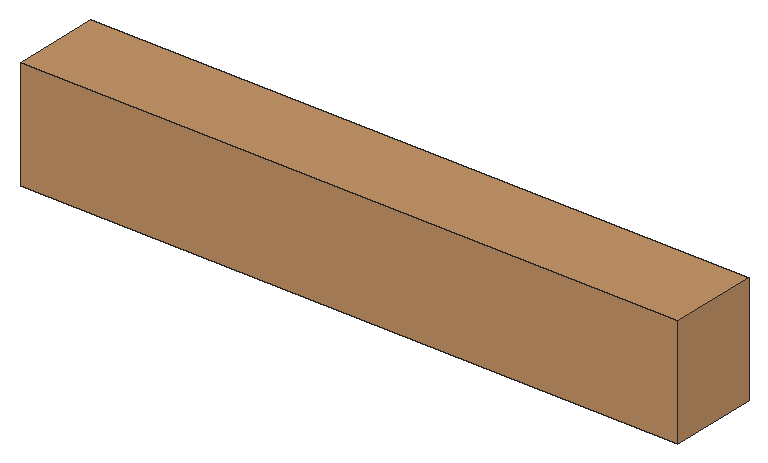
Revit family "EQ_Main Earth Bar", category Electrical Equipment, Revit 2025
Family settings
  Panel Configuration = Two Columns, Circuits Across
  Round Connector Dimension = Use Diameter
  Part Type = Panelboard
  OmniClass Number = 23.80.30.11.17
  OmniClass Title = Distribution Boards and Control Panels
  Work Plane-Based = No
  Always vertical = Yes
  Cut with Voids When Loaded = No
  Maintain Annotation Orientation = No
  Shared = No
  Room Calculation Point = No
Parameters (values of type "MEB Cu 50x10 - 600")
  Width = 600 mm
  built-in parameter 1140142 [instance] = -1
  Material Spec = "Copper bar 50x10 mm on insulators"
  built-in parameter 1140140 [instance] = 1 (stored number, unit not read)
  Height = 100 mm
  built-in parameter 1155100 [instance] = -1
  Depth = 80 mm
  Default Elevation = 0 mm
Reference planes
  plane 1 "Center (Front/Back)": y = 0
  plane 2: z = 0
  plane 3 "Center (Left/Right)": x = 0
  plane 4 "Left": x = -300
  plane 5 "Right": x = 300
  plane 6 "Front": y = -80
  plane 7 "Top": z = 100
Forms (mm)
  Extrusion 1, solid, material "Copper"
    sketch origin (0, 0, 0) x (1, 0, 0) y (0, 1, 0)
      loop
        line (-300, -80) -> (300, -80) -> (300, 0) -> (-300, 0) -> (-300, -80)
    from 0 to 100
Dimensions and locks
  equal spacing: plane 4 "Left", plane 3 "Center (Left/Right)", plane 5 "Right"
  "Width": plane 4 "Left" to plane 5 "Right"
  "Depth": plane 6 "Front" to plane 1 "Center (Front/Back)"
  "Height": level to plane 7 "Top"
  aligned and locked: level to plane 2
  aligned and locked: Extrusion 1 to plane 7 "Top"
  aligned and locked: Extrusion 1 to level
  aligned and locked: Extrusion 1 to plane 5 "Right"
  aligned and locked: Extrusion 1 to plane 1 "Center (Front/Back)"
  aligned and locked: plane 4 "Left" to Extrusion 1
  aligned and locked: Extrusion 1 to plane 6 "Front"
Automatic sketch dimensions
  Extrusion 1 sketch curve to plane 4 "Left" = 0 mm
  plane 1 "Center (Front/Back)" to Extrusion 1 sketch curve = 0 mm
  Extrusion 1 sketch curve to plane 5 "Right" = 0 mm
  Extrusion 1 sketch curve to plane 6 "Front" = 0 mm
